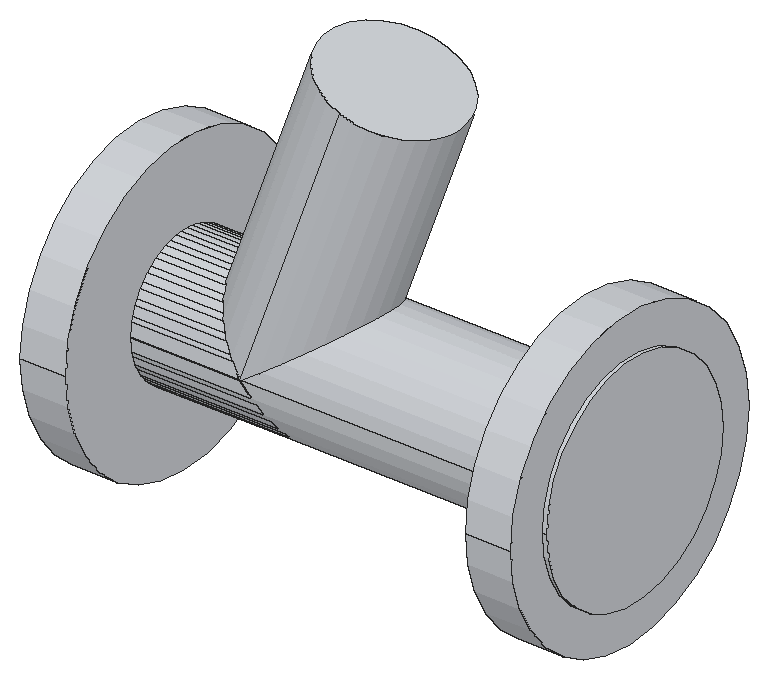
Revit family "447-DN150-RFA_2018", category Pipe Accessories, Revit 2018
Family settings
  Round Connector Dimension = Use Diameter
  Part Type = Valve - Breaks Into
  Work Plane-Based = No
  Always vertical = Yes
  Cut with Voids When Loaded = No
  Shared = No
Parameters (values of type "447-DN150")
  magiProductId = "7f7b5672e2b748ca8839732ddacd1d"
  magiProductFamilyId = "b72cb932c1b3471491e3d369876ba1"
  magiPartTypeId = 304
  isMeasuringValve [instance] = no
  ang2D [instance] = 0.00°
  X2 = 95.64 mm
  X1 = 67.2 mm
  W2D = 100 mm
  VersionID = "2.0/2017.9.26.1/ZETKAMA_447_001"
  Use Minimum Symbol Size [instance] = yes
  URL = "http://www.hydronix.cz"
  Type Comments = "přírubový; PN16; -10~+120°C"
  S = 211 mm
  QmdConnectorList = "301;D;302;D"
  Productdata [instance] = ""
  Manufacturer = "Hydronix"
  MC Product Code = "447 150 (DN150; PN16 kvs390,2)"
  MC Piping Given Pressure Drop [instance] = 0.0 Pa
  LM1 = 38.4 mm
  LM = 384 mm
  L2D_Min = 3048 mm
  L2D = 350 mm
  L2 = 240 mm
  HH1 = 262.769 mm
  FD = 285 mm
  Description = "Ruční vyvažovací ventil přírubový; DN150; PN16; kvs390,2"
  DT = 130 mm
  D = 150 mm
  CC = 4.8 mm
  CAT0 = yes
  C1 = 43.2 mm
  C = 48 mm
Types (10, lengths in mm): name | magiProductId | X2 | X1 | S | MC Product Code | LM1 | LM | L2 | HH1 | FD | Description | DT | D | CC | C1 | C
  447-DN100 | "98b46d48787042dd9a812fc0797c69" | 79.261 | 49 | 156 | "447 100 (DN100; PN16 kvs184,7)" | 28 | 280 | 175 | 217.769 | 220 | "Ruční vyvažovací ventil přírubový; DN100; PN16; kvs184,7" | 130 | 100 | 3.5 | 31.5 | 35
  447-DN125 | "02b47ccb17f74d08923d86f3fe118e" | 86.541 | 56 | 184 | "447 125 (DN125; PN16 kvs285,1)" | 32 | 320 | 200 | 237.769 | 250 | "Ruční vyvažovací ventil přírubový; DN125; PN16; kvs285,1" | 130 | 125 | 4 | 36 | 40
  447-DN150 | "7f7b5672e2b748ca8839732ddacd1d" | 95.64 | 67.2 | 211 | "447 150 (DN150; PN16 kvs390,2)" | 38.4 | 384 | 240 | 262.769 | 285 | "Ruční vyvažovací ventil přírubový; DN150; PN16; kvs390,2" | 130 | 150 | 4.8 | 43.2 | 48
  447-DN200 | "e1019e6fc9b647ceac6d31797e2f53" | 155.411 | 84 | 266 | "447 200 (DN200; PN16 kvs710)" | 48 | 480 | 300 | 426.987 | 340 | "Ruční vyvažovací ventil přírubový; DN200; PN16; kvs710" | 310 | 200 | 6 | 54 | 60
  447-DN250 | "a0eac83e29f84220b7ba68901aa49e" | 171.789 | 102.2 | 319 | "447 250 (DN250; PN16 kvs1188)" | 58.4 | 584 | 365 | 471.987 | 405 | "Ruční vyvažovací ventil přírubový; DN250; PN16; kvs1188" | 310 | 250 | 7.3 | 65.7 | 73
  447-DN300 | "476300b2e87f4f20bd49d272c44436" | 175.429 | 119 | 370 | "447 300 (DN300; PN16 kvs1504)" | 68 | 680 | 425 | 481.987 | 460 | "Ruční vyvažovací ventil přírubový; DN300; PN16; kvs1504" | 310 | 300 | 8.5 | 76.5 | 85
  447-DN040 | "1b02107dafeb4f5588628c478854c2" | 42.71 | 28 | 84 | "447 040 (DN40; PN16 kvs22,36)" | 16 | 160 | 100 | 117.345 | 150 | "Ruční vyvažovací ventil přírubový; DN40; PN16; kvs22,36" | 74 | 40 | 2 | 18 | 20
  447-DN050 | "5ed7087ff739473a8b86e2dbbe5062" | 42.71 | 32.2 | 99 | "447 050 (DN50; PN16 kvs32,15)" | 18.4 | 184 | 115 | 117.345 | 165 | "Ruční vyvažovací ventil přírubový; DN50; PN16; kvs32,15" | 74 | 50 | 2.3 | 20.7 | 23
  447-DN065 | "bd77367604f142d88050bf73c88c7b" | 71.982 | 40.6 | 118 | "447 065 (DN65; PN16 kvs88,8)" | 23.2 | 232 | 145 | 197.769 | 185 | "Ruční vyvažovací ventil přírubový; DN65; PN16; kvs88,8" | 130 | 65 | 2.9 | 26.1 | 29
  447-DN080 | "7399fcf493614c92ad9035a8ac3adf" | 71.982 | 43.4 | 132 | "447 080 (DN80; PN16 kvs113,4)" | 24.8 | 248 | 155 | 197.769 | 200 | "Ruční vyvažovací ventil přírubový; DN80; PN16; kvs113,4" | 130 | 80 | 3.1 | 27.9 | 31
Reference planes
  plane 1 "Center (Front/Back)": y = 0
  plane 2 "XYPLANE": z = 0
  plane 3 "Center (Left/Right)": x = 0
  plane 4 "110": x = 9.24
  plane 5 "109": z = 262.769
  plane 6 "108": x = -86.4
  plane 7 "107": x = 235.2
  plane 8 "106": x = -235.2
  plane 9 "105": z = 0
  plane 10 "104": y = 0
  plane 11 "103": x = -240
  plane 12 "102": x = 240
  plane 13 "100": x = -192
  plane 14 "99": x = 192
  plane 15 "98": x = -153.6
Forms (mm)
  Extrusion 1, solid, visible <- "CAT0"
    sketch origin (-192, -750, 0) x (0, 1, 0) y (0, 0, 1)
      loop
        circle (750, 0) r 65
    from 0 to 384 <- "LM"
  Sweep 2, solid, visible <- "CAT0"
    path origin (750, 0, 0) x (-1, 0, 0) y (0, 0, 1)
      loop
        line (942, 0) -> (836.4, 0) -> (740.76, 262.769)
    profile origin (-192, 0, 0) x (0, 0, -1) y (0, 1, 0)
      loop
        circle (0, 0) r 65
  Extrusion 3, solid
    sketch origin (235.2, -750, 0) x (0, 1, 0) y (0, 0, 1)
      loop
        circle (750, 0) r 105.5
    from 0 to 4.8 <- "CC"
  Extrusion 4, solid
    sketch origin (192, -750, 0) x (0, 1, 0) y (0, 0, 1)
      loop
        circle (750, 0) r 142.5
    from 0 to 43.2 <- "C1"
  Extrusion 5, solid
    sketch origin (-235.2, -750, 0) x (0, 1, 0) y (0, 0, 1)
      loop
        circle (750, 0) r 142.5
    from 0 to 43.2 <- "C1"
  Extrusion 6, solid
    sketch origin (-240, -750, 0) x (0, 1, 0) y (0, 0, 1)
      loop
        circle (750, 0) r 105.5
    from 0 to 4.8 <- "CC"
  Extrusion 7, solid, not visible
    sketch origin (-240, -750, 0) x (0, 1, 0) y (0, 0, 1)
      loop
        circle (750, 0) r 10
    from 0 to 10
  Extrusion 8, solid, not visible
    sketch origin (240, -750, 0) x (0, 1, 0) y (0, 0, 1)
      loop
        circle (750, 0) r 10
    from 0 to -10
Lines and regions (mm)
  reference lines, not visible
    curve 1: circle (2, 2, 0) r 1 normal (0, 0, 1)
Dimensions and locks
  plane 1 "Center (Front/Back)" to curve 1 = 2 mm
  "X2": plane 6 "108" to plane 4 "110"
  "HH1": plane 2 "XYPLANE" to plane 5 "109"
  "X1": plane 15 "98" to plane 6 "108"
  "C1": plane 14 "99" to plane 7 "107"
  "CC": plane 11 "103" to plane 8 "106"
  locked: plane 2 "XYPLANE" to plane 9 "105"
  locked: plane 1 "Center (Front/Back)" to plane 10 "104"
  "L2": plane 3 "Center (Left/Right)" to plane 11 "103"
  "L2": plane 3 "Center (Left/Right)" to plane 12 "102"
  "C": plane 11 "103" to plane 13 "100"
  "LM": plane 13 "100" to plane 14 "99"
  "LM1": plane 13 "100" to plane 15 "98"
  Sweep 2 sketch curve to Sweep 2 sketch curve = 0 mm  (x2)
  "DT": diameter of Extrusion 1 sketch curve
  "DT": diameter of Sweep 2 sketch curve
  "S": diameter of Extrusion 3 sketch curve
  "FD": diameter of Extrusion 4 sketch curve
  "FD": diameter of Extrusion 5 sketch curve
  "S": diameter of Extrusion 6 sketch curve
  aligned and locked: level to plane 2 "XYPLANE"
  aligned and locked: plane 9 "105" to Extrusion 1 sketch curve
  aligned and locked: Extrusion 1 sketch curve to plane 10 "104"
  aligned and locked: plane 9 "105" to Sweep 2 sketch curve  (x3)
  aligned and locked: Sweep 2 sketch curve to plane 10 "104"
  aligned and locked: plane 13 "100" to Sweep 2 sketch curve
  aligned and locked: plane 6 "108" to Sweep 2 sketch curve
  aligned and locked: plane 4 "110" to Sweep 2 sketch curve
  aligned and locked: plane 5 "109" to Sweep 2 sketch curve
  aligned and locked: plane 9 "105" to Extrusion 3 sketch curve
  aligned and locked: Extrusion 3 sketch curve to plane 10 "104"
  aligned and locked: plane 9 "105" to Extrusion 4 sketch curve
  aligned and locked: Extrusion 4 sketch curve to plane 10 "104"
  aligned and locked: plane 9 "105" to Extrusion 5 sketch curve
  aligned and locked: Extrusion 5 sketch curve to plane 10 "104"
  aligned and locked: plane 9 "105" to Extrusion 6 sketch curve
  aligned and locked: Extrusion 6 sketch curve to plane 10 "104"
  aligned and locked: plane 9 "105" to Extrusion 7 sketch curve
  aligned and locked: Extrusion 7 sketch curve to plane 10 "104"
  aligned and locked: plane 9 "105" to Extrusion 8 sketch curve
  aligned and locked: Extrusion 8 sketch curve to plane 10 "104"
Automatic sketch dimensions
  plane 1 "Center (Front/Back)" to Extrusion 7 sketch curve = 10 mm
  plane 1 "Center (Front/Back)" to Extrusion 8 sketch curve = 10 mm
  plane 3 "Center (Left/Right)" to curve 1 = 2 mm
  radius of curve 1 = 1 mm
Connectors
  piping at (-240, 0, 0), diameter 150, driven by "D"
    settings: on Extrusion 7, index 1, connector inside diameter 609.6 mm, connector length 0 mm, flow factor 0, pipe flow 0.0 L/s, pressure drop 0.0 Pa, fitting loss kfactor 0, connector angle 0.00°, fixture units 0, engagement length 0 mm, angle of deflection 0.00°, flow configuration 0, flow direction 0, fitting loss method 0, system type 29, joint type 0, gender type 0, connector reference index 2, connector utility 0, adjustable connector no, is connector primary yes, connector description ""
  piping at (240, 0, 0), diameter 150, driven by "D"
    settings: on Extrusion 8, index 2, connector inside diameter 609.6 mm, connector length 0 mm, flow factor 0, pipe flow 0.0 L/s, pressure drop 0.0 Pa, fitting loss kfactor 0, connector angle 0.00°, fixture units 0, engagement length 0 mm, angle of deflection 0.00°, flow configuration 0, flow direction 0, fitting loss method 0, system type 29, joint type 0, gender type 0, connector reference index 1, connector utility 0, adjustable connector no, is connector primary no, connector description ""
